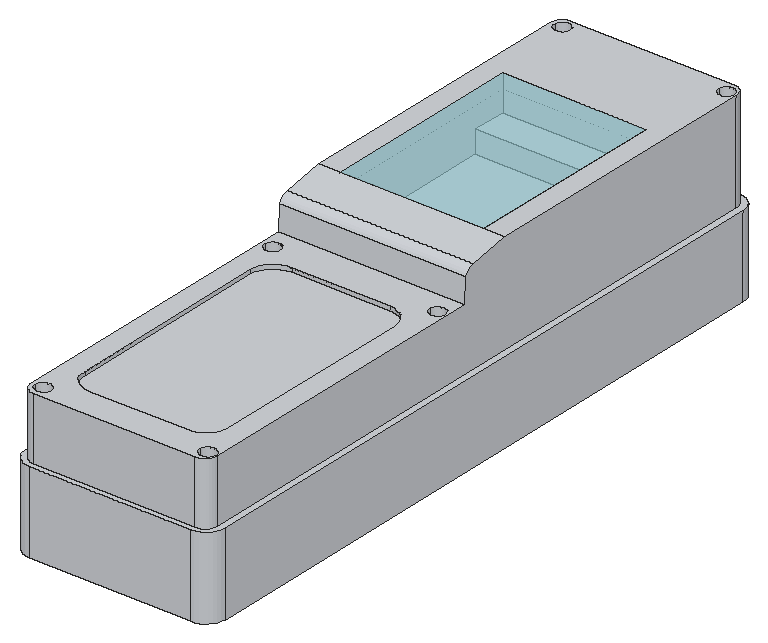
Revit family "Building-IEC309Connections-GEWISS-COMBIBLOC_BOARD_1SOCKET", category Apparecchi elettrici, host Superficie, Revit 2019
Family settings
  Host = Superficie
  Mantenere orientamento annotazione = Sì
  Quota connettore circolare = Usa diametro
  Tipo di parte = Normale
  Taglio con vuoti quando caricato = No
  Condiviso = No
  Punto di calcolo locali = Sì
Parameters (values of type "GW66491 - BOARD IP55 EMPTY VERT. COMBIBLOC 1 SOCK")
  simbolo 2d [instance] = yes
  Version type = "Empty"
  Version file RFA = "21.10"
  URL = "https://www.gewiss.com/ww/en"
  Thermo-pressure with ball = "70 °C"
  Technical sheet = "https://www.gewiss.com/ww/en/search?q=GW66491"
  Spostamento_effettivo_S [instance] = 4000 mm - Spostamento_S  # 2580 mm
  Spostamento_S = 1420 mm
  Shock resistance = "IK08"
  STRUTTURA ALTA = Poche
  STRUTTURA = RAL - 7035
  SEO = "Board"
  Realized by GEWISS S.p.A. = ""
  Default Elevation = 1219.2 mm
  Produttore = "GEWISS S.p.A."
  Operating temperature: = "-25 +40 °C"
  No. of modules EN 50022 = "4"
  No. of blank lids supplied = "None"
  No. IB socket-outlets houseable = "1 COMBIBLOC 16/32A"
  Modello = "GW66491"
  Insulation class = "II"
  Installation type = "Surface-mounting"
  IP degree = "IP55"
  IDT = "7256ea7ecdc24b538c455d8827a18355"
  IDF = "c5e44f26-db2e-429e-81e4-909959e80605"
  Glow wire test: = "Empty"
  Glow Wire Test = "650°C"
  For socket-outlets = "Compact"
  Electrocod = "0321"
  Dispersible power (W) = "10"
  Descrizione = "BOARD IP55 EMPTY VERT. COMBIBLOC 1 SOCK"
  Colour = "Grey RAL 7035"
  Catalogue = "BUILDING"
  COBie.Tagnumber = ""
  COBie.CreatedOn = ""
  COBie.CreatebBy = ""
  COBie.ComponentRegisterItemID = ""
  COBie.Component.TagNumber = ""
  COBie.Component.Space = ""
  COBie.Component.SerialNumber = ""
  COBie.Component.InstallationDate = ""
  COBie.Component.Description = ""
  COBie.Component.BarCode = ""
  Accordance with Standards = "EN 62208"
  Accessories supplied = "70 °C"
Reference planes
  plane 1 "Centro (Fronte/Retro)": y = 0
  plane 2: z = 0
  plane 3 "Centro (Sinistra/Destra)": x = 0
  plane 4: x = -3000
  plane 5: x = -420
Forms (mm)
  Extrusion 1, solid, detail levels coarse
    sketch origin (0, 0, 0) x (1, 0, 0) y (0, 1, 0)
      loop
        line (0, 359.912) -> (0, 0) -> (105.015, 0) -> (105.015, 359.912) -> (0, 359.912)
    from 0 to 96
Lines and regions (mm)
  symbolic lines
    curve 1: line (2.511, 0, 105.105) -> (102.504, 0, 105.105)
    curve 2: line (2.511, 0, 81.105) -> (2.511, 0, 105.105)
    curve 3: line (102.504, 0, 81.105) -> (2.511, 0, 81.105)
    curve 4: line (102.504, 0, 105.105) -> (102.504, 0, 81.105)
    curve 5: line (0, 0, 81.105) -> (105.015, 0, 81.105)
    curve 6: line (0, 0, 0) -> (0, 0, 81.105)
    curve 7: line (105.015, 0, 0) -> (0, 0, 0)
    curve 8: line (105.015, 0, 81.105) -> (105.015, 0, 0)
Dimensions and locks
  plane 4 to plane 3 "Centro (Sinistra/Destra)" = 3000 mm
  "Spostamento_effettivo_S": plane 4 to plane 5
  aligned and locked: plane 2 to host face
  aligned and locked: level to host face
  aligned and locked: plane 1 "Centro (Fronte/Retro)" to nested 2
  aligned and locked: plane 3 "Centro (Sinistra/Destra)" to nested 2
  aligned and locked: Extrusion 1 sketch curve to nested 2  (x2)
  aligned and locked: Extrusion 1 to nested 2  (x3)
  aligned and locked: nested 2 to host face
  aligned and locked: nested 1 to plane 5
  aligned and locked: plane 3 "Centro (Sinistra/Destra)" to import instance
  aligned and locked: plane 1 "Centro (Fronte/Retro)" to import instance
Automatic sketch dimensions
  host sketch curve to host sketch curve = 2438.4 mm  (x2)
  plane 3 "Centro (Sinistra/Destra)" to Extrusion 1 sketch curve = 105.015 mm
  Extrusion 1 sketch curve to plane 1 "Centro (Fronte/Retro)" = 359.912 mm
  curve 7 to level = 0 mm
  curve 7 to plane 3 "Centro (Sinistra/Destra)" = 0 mm
  plane 3 "Centro (Sinistra/Destra)" to curve 3 = 2.511 mm
  curve 1 to curve 1 = 99.993 mm
  curve 3 to curve 7 = 2.511 mm
  level to curve 2 = 81.105 mm
  curve 8 to curve 3 = 0 mm
  curve 2 to curve 2 = 24 mm
Nested families
  nested 1: "simb_CENTRALINO_BASE_cad pro" at (-420, 737.795, 0), visible <- "simbolo 2d", type "simb_CENTRALINO_BASE_cad pro"
    with Distanza dal muro 0.1 mm
  nested 2: "IB QUADRETTI PER 1 PRESA IB COMPATTA_base" at (0, 0, -32.045), type "IB QUADRETTI PER 1 PRESA IB COMPATTA_base", detail levels medium+fine
Definition of nested family "IB QUADRETTI PER 1 PRESA IB COMPATTA_base"
  Parameters (values of type "IB QUADRETTI PER 1 PRESA IB COMPATTA_base")
    d_piano = 32.045 mm
    Vetro = none
    Struttura = none
    Spessore = 96 mm
    Default Elevation = 14 mm
    Presa = none
    Larghezza = 105 mm
    IFC.TypeObject = ""
    IFC.ExportType = ""
    IFC.ExportAs = ""
    COBie.CreatedOn = ""
    COBie.CreatebBy = ""
    COBie.ComponentRegisterItemID = ""
    COBie.Component.TagNumber = ""
    COBie.Component.Space = ""
    COBie.Component.SerialNumber = ""
    COBie.Component.InstallationDate = ""
    COBie.Component.Description = ""
    COBie.Component.BarCode = ""
    Altezza = 359.912 mm
  Reference planes
    plane 1 "Centro (Fronte/Retro)": y = 0
    plane 2: z = 0
    plane 3 "Centro (Sinistra/Destra)": x = 0
    plane 4: y = 410.827
    plane 5: x = 105.015
    plane 6: y = 356.291
    plane 7: x = 3.621
    plane 8: x = 101.394
    plane 9: y = 2.821
    plane 10: y = 359.912
    plane 11: z = 32.045
    plane 12: z = 75.045
    plane 13: z = 128.045
    plane 14: x = 14.621
    plane 15: x = 90.394
    plane 16: y = 151.272
    plane 17: y = 18.44
    plane 18: z = 108.045
    plane 19: z = 105.984
    plane 20: y = 349.892
    plane 21: x = 96.539
    plane 22: x = 10.03
    plane 23: y = 304.922
    plane 24: y = 198.075
    plane 25: z = 120.562
  Forms (mm)
    Extrusion 1, solid
      sketch origin (0, 0, 84.734) x (0, -1, 0) y (1, 0, 0)
        loop
          arc (-359.912, 10) -> (-356.983, 2.929) -> (-349.912, 0) r 10
          line (-349.912, 0) -> (-10, 0)
          arc (-10, 0) -> (-2.929, 2.929) -> (0, 10) r 10
          line (0, 10) -> (0, 95.015)
          arc (0, 95.015) -> (-2.929, 102.086) -> (-10, 105.015) r 10
          line (-10, 105.015) -> (-349.912, 105.015)
          arc (-349.912, 105.015) -> (-356.983, 102.086) -> (-359.912, 95.015) r 10
          line (-359.912, 95.015) -> (-359.912, 10)
      from -52.69 to -9.69
    Extrusion 2, solid
      sketch origin (0, 0, 84.734) x (0, -1, 0) y (1, 0, 0)
        loop
          arc (-356.291, 10.121) -> (-354.387, 5.525) -> (-349.791, 3.621) r 6.5
          line (-349.791, 3.621) -> (-9.277, 3.621)
          arc (-9.277, 3.621) -> (-4.712, 5.512) -> (-2.821, 10.077) r 6.456
          line (-2.821, 10.077) -> (-2.821, 94.894)
          arc (-2.821, 94.894) -> (-4.725, 99.491) -> (-9.321, 101.394) r 6.5
          line (-9.321, 101.394) -> (-349.791, 101.394)
          arc (-349.791, 101.394) -> (-354.387, 99.491) -> (-356.291, 94.894) r 6.5
          line (-356.291, 94.894) -> (-356.291, 10.121)
      from -9.69 to 43.31
    Extrusion 3, void
      sketch origin (0, 0, 0) x (0, 1, 0) y (0, 0, 1)
        loop
          line (198.075, 128.045) -> (198.075, 113.321) -> (203.222, 113.321) -> (220.76, 97.788) -> (286.916, 97.788) -> (287.014, 109.308) -> (304.922, 109.308) -> (304.922, 128.045) -> (198.075, 128.045)
      from 14.621 to 90.394
    Extrusion 4, void
      sketch origin (0, 0, 0) x (0, 1, 0) y (0, 0, 1)
        loop
          line (2.821, 128.045) -> (2.821, 108.045) -> (171.66, 108.045) -> (172.491, 120.424)
          arc (172.491, 120.424) -> (174.549, 123.144) -> (177.585, 124.698) r 7.643
          arc (177.585, 124.698) -> (187.758, 126.813) -> (198.075, 128.045) r 120.646
          line (198.075, 128.045) -> (2.821, 128.045)
      from 3.621 to 101.394
    Extrusion 5, void
      sketch origin (0, 0, 84.734) x (0, -1, 0) y (1, 0, 0)
        loop
          arc (-151.272, 26.613) -> (-147.76, 18.133) -> (-139.28, 14.621) r 11.992
          line (-139.28, 14.621) -> (-30.44, 14.621)
          arc (-30.44, 14.621) -> (-21.955, 18.136) -> (-18.44, 26.621) r 12
          line (-18.44, 26.621) -> (-18.44, 78.394)
          arc (-18.44, 78.394) -> (-21.955, 86.88) -> (-30.44, 90.394) r 12
          line (-30.44, 90.394) -> (-139.272, 90.394)
          arc (-139.272, 90.394) -> (-147.757, 86.88) -> (-151.272, 78.394) r 12
          line (-151.272, 78.394) -> (-151.272, 26.613)
      from 21.25 to 23.31
    Extrusion 6, void
      sketch origin (0, 0, 84.734) x (0, -1, 0) y (1, 0, 0)
        loop
          circle (-349.892, 10.03) r 4.143
        loop
          circle (-349.892, 96.539) r 4.143
        loop
          circle (-159.833, 10.03) r 4.143
        loop
          circle (-159.833, 96.539) r 4.143
        loop
          circle (-9.22, 96.539) r 4.318
        loop
          circle (-9.22, 10.03) r 4.318
      from 0 to 43.31
    Extrusion 7, solid, material <- "Vetro"
      sketch origin (0, 0, 84.734) x (0, -1, 0) y (1, 0, 0)
        loop
          line (-198.075, 14.621) -> (-198.075, 90.394) -> (-304.922, 90.394) -> (-304.922, 14.621) -> (-198.075, 14.621)
      from 35.828 to 43.31
  Cuts and joins
    Extrusion 3, Extrusion 4, Extrusion 5, Extrusion 6 cuts Extrusion 2
  Dimensions and locks
    locked: plane 10 to plane 6 at 3.621
    locked: plane 3 "Centro (Sinistra/Destra)" to plane 7 at 3.621
    locked: plane 8 to plane 5 at 3.621
    locked: plane 1 "Centro (Fronte/Retro)" to plane 9 at 2.821
    locked: plane 12 to plane 11 at 43
    locked: plane 13 to plane 12 at 53
    locked: plane 7 to plane 14 at 11
    locked: plane 15 to plane 8 at 11
    Extrusion 5 to plane 1 "Centro (Fronte/Retro)" = 151.272 mm
    locked: plane 19 to plane 18 at 2.06
    "d_piano": plane 11 to level
    locked: plane 24 to plane 23 at 106.848
    locked: plane 13 to plane 25 at 7.483
    radius of Extrusion 1 sketch curve = 10 mm  (x4)
    radius of Extrusion 2 sketch curve = 6.5 mm  (x3)
    aligned and locked: level to plane 2
    aligned and locked: Extrusion 1 sketch curve to plane 10
    aligned and locked: Extrusion 1 sketch curve to plane 3 "Centro (Sinistra/Destra)"
    aligned and locked: Extrusion 1 sketch curve to plane 5
    aligned and locked: Extrusion 1 sketch curve to plane 1 "Centro (Fronte/Retro)"
    aligned and locked: Extrusion 1 to plane 11
    aligned and locked: plane 12 to Extrusion 1
    aligned and locked: Extrusion 2 sketch curve to plane 6
    aligned and locked: Extrusion 2 sketch curve to plane 7
    aligned and locked: Extrusion 2 sketch curve to plane 8
    aligned and locked: Extrusion 2 sketch curve to plane 9
    aligned and locked: Extrusion 2 to plane 12
    aligned and locked: plane 13 to Extrusion 2
    aligned and locked: Extrusion 3 sketch curve to plane 13
    aligned and locked: Extrusion 4 sketch curve to plane 13
    aligned and locked: Extrusion 4 sketch curve to plane 9
    aligned and locked: plane 7 to Extrusion 4
    aligned and locked: Extrusion 4 to plane 8
    aligned and locked: plane 18 to Extrusion 4
    aligned and locked: Extrusion 5 to Extrusion 4
    aligned and locked: plane 19 to Extrusion 5
    aligned and locked: plane 20 to Extrusion 6 sketch curve  (x2)
    aligned and locked: plane 21 to Extrusion 6 sketch curve  (x3)
    aligned and locked: plane 22 to Extrusion 6 sketch curve
    aligned and locked: Extrusion 6 sketch curve to plane 22  (x2)
    aligned and locked: Extrusion 2 to Extrusion 6
    aligned and locked: plane 14 to Extrusion 3
    aligned and locked: Extrusion 3 to plane 15
    aligned and locked: plane 13 to Extrusion 7
    aligned and locked: Extrusion 7 to plane 25
  Automatic sketch dimensions
    plane 22 to Extrusion 2 sketch curve = 0.047 mm
    plane 16 to Extrusion 3 sketch curve = 46.803 mm
    Extrusion 3 sketch curve to Extrusion 3 sketch curve = 5.147 mm
    plane 19 to Extrusion 3 sketch curve = 8.196 mm
    Extrusion 3 sketch curve to Extrusion 3 sketch curve = 17.538 mm
    Extrusion 3 sketch curve to plane 20 = 62.976 mm
    Extrusion 3 sketch curve to plane 18 = 1.263 mm
    Extrusion 3 sketch curve to Extrusion 3 sketch curve = 0.098 mm
    Extrusion 3 sketch curve to Extrusion 3 sketch curve = 17.908 mm
    Extrusion 3 sketch curve to plane 18 = 5.276 mm
    plane 18 to Extrusion 4 sketch curve = 0 mm
    plane 16 to Extrusion 4 sketch curve = 20.387 mm
    Extrusion 4 sketch curve to plane 13 = 7.621 mm
    Extrusion 4 sketch curve to Extrusion 4 sketch curve = 0.831 mm
    Extrusion 4 sketch curve to Extrusion 4 sketch curve = 6.971 mm
    Extrusion 4 sketch curve to Extrusion 4 sketch curve = 18.613 mm
    level to Extrusion 4 sketch curve = 7.744 mm
    plane 16 to Extrusion 4 sketch curve = 55.931 mm
    Extrusion 4 sketch curve to Extrusion 4 sketch curve = 3.134 mm
    Extrusion 5 sketch curve to plane 16 = 0 mm
    Extrusion 5 sketch curve to plane 14 = 0 mm
    Extrusion 5 sketch curve to plane 15 = 0 mm
    Extrusion 5 sketch curve to plane 17 = 0 mm
    Extrusion 5 sketch curve to plane 16 = 11.992 mm
    Extrusion 5 sketch curve to plane 16 = 12 mm
    plane 17 to Extrusion 5 sketch curve = 12 mm  (x2)
    plane 16 to Extrusion 6 sketch curve = 8.561 mm  (x2)
    plane 9 to Extrusion 6 sketch curve = 6.399 mm  (x2)
    Extrusion 7 sketch curve to plane 14 = 0 mm
    Extrusion 7 sketch curve to plane 15 = 0 mm
    Extrusion 7 sketch curve to plane 23 = 0 mm
    Extrusion 7 sketch curve to plane 24 = 0 mm
    radius of Extrusion 6 sketch curve = 4.143 mm  (x4)
    radius of Extrusion 6 sketch curve = 4.318 mm  (x2)
Definition of nested family "simb_CENTRALINO_BASE_cad pro"
  Parameters (values of type "simb_CENTRALINO_BASE_cad pro")
    Distanza dal muro [instance] = 0 mm
  Reference planes
    plane 1: y = 0
    plane 2: x = 0
  Dimensions and locks
    "Distanza dal muro": plane 1 to nested 1
    aligned and locked: plane 2 to nested 1
  Nested families
    nested 1: "CENTRALINO_BASE_cad pro" at (0, 0, 0), type "CENTRALINO"
  Definition of nested family "CENTRALINO_BASE_cad pro"
    Parameters (values of type "CENTRALINO")
      Distanza dal muro = 0 mm
    Reference planes
      plane 1: y = 0
      plane 2: x = 0
    Lines and regions (mm)
      detail lines
        curve 1: line (1.33, 1.33, 0) -> (2.109, 1.33, 0)
        curve 2: line (2.109, 1.33, 0) -> (2.109, 0, 0)
        curve 3: line (2.109, 0, 0) -> (1.33, 0, 0)
        curve 4: line (1.33, 0, 0) -> (-1.33, 1.33, 0)
        curve 5: line (-1.33, 1.33, 0) -> (1.33, 1.33, 0)
        curve 6: line (1.33, 1.33, 0) -> (1.33, 0, 0)
        curve 7: line (1.33, 0, 0) -> (-1.33, 0, 0)
        curve 8: line (-1.33, 0, 0) -> (-1.33, 1.33, 0)
        curve 9: line (1.461, 0.665, 0) -> (1.977, 0.665, 0)
        curve 10: line (1.719, 0.665, 0) -> (1.719, 1.01, 0)
        curve 11: arc (1.977, 0.406, 0) -> (1.719, 0.665, 0) -> (1.461, 0.406, 0) r 0.258
